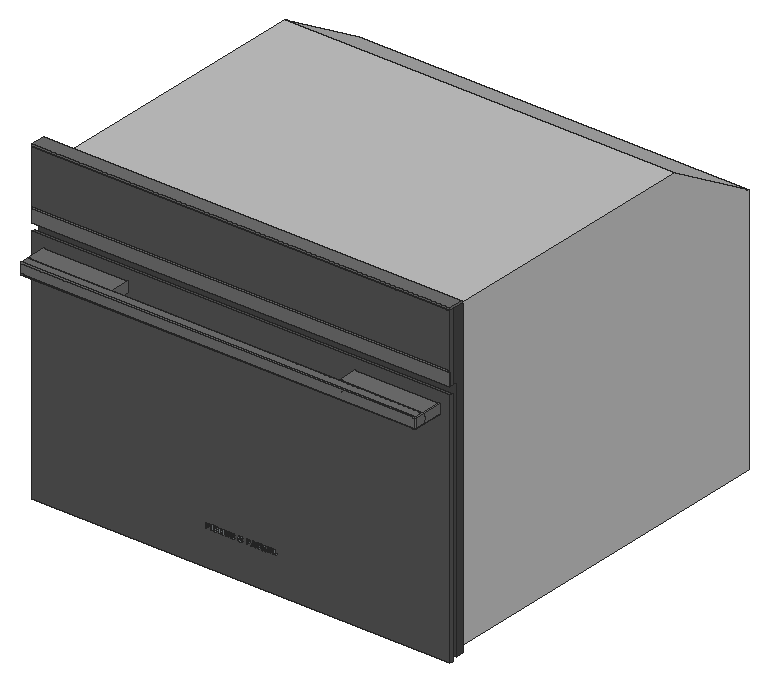
Revit family "FP_Revit_18_OS24NDBB1_Steam_Oven_90000816A", category Specialty Equipment, Revit 2018
Family settings
  Round Connector Dimension = Use Diameter
  Part Type = Normal
  OmniClass Number = 23.40.40.14.17.31
  OmniClass Title = Small Specialized Cooking Equipment
  Work Plane-Based = No
  Always vertical = Yes
  Cut with Voids When Loaded = Yes
  Shared = No
  Room Calculation Point = No
Parameters (values of type "OS24NDBB1")
  Visibility - Clearance Required = yes
  URL = "www.fisherpaykel.com"
  Product - Width = 596 mm  # constant formula
  Product - Height = 458 mm  # constant formula
  Product - Depth = 562 mm  # constant formula
  Model = "OS24NDBB1"
  Material - Trim = Fisher & Paykel - Aluminium, Dark
  Material - Structure = Fisher & Paykel - Black
  Material - Handle = Fisher & Paykel - Aluminium, Dark
  Material - Glass = Fisher & Paykel - Glass, Black
  Material - Body = Fisher & Paykel - Grey
  Manufacturer = "Fisher & Paykel Appliances"
  FFL Offset [instance] = 860 mm
  Description = "24\" Steam Oven"
  Connector Description - Electrical = "208 V or 240 V, 60 Hz, 10.8 or 12.5 A"
  Chassis - Width = 556 mm  # constant formula
  Chassis - Height = 446 mm  # constant formula
  Chassis - Depth = 540 mm  # constant formula
  Cavity - Width = 560 mm  # constant formula
  Cavity - Height = 460 mm  # constant formula
  Cavity - Depth = 560 mm  # constant formula
Reference planes
  plane 1 "Center (Front/Back)": y = 0
  plane 2: z = 0
  plane 3 "Center (Left/Right)": x = 0
  plane 4: z = 1320
  plane 5: z = 1318
  plane 6 "Product LHS": x = -298
  plane 7 "Product RHS": x = 298
  plane 8 "Product - Depth": y = 0
  plane 9 "Cavity LHS": x = -300
  plane 10 "Cavity RHS": x = 300
  plane 11 "Cavity - Depth": y = 560
  plane 12 "Front Face": y = -22
  plane 13 "Chassis - Height": z = 0
  plane 14 "Product Depth": y = 540
  plane 15 "FFL Offset": z = 860
Forms (mm)
  Extrusion 1, solid, material "Fisher & Paykel - Grey" <- "Material - Body"
    sketch origin (0, 0, 0) x (0, 1, 0) y (0, 0, 1)
      loop
        line (0, 1306) -> (0, 867.28) -> (5.16, 867.28) -> (5.16, 860) -> (534.187, 860) -> (534.187, 1217.991) -> (403.295, 1296.64) -> (24.316, 1296.64) -> (8.71, 1306) -> (0, 1306)
    from -278 to 278
  Extrusion 2, solid, material "Fisher & Paykel - Black" <- "Material - Structure", detail levels fine
    sketch origin (0, 0, 0) x (0, 1, 0) y (0, 0, 1)
      loop
        line (0, 1313.9) -> (-2, 1313.9) -> (-2, 1315) -> (-18, 1315) -> (-18, 1218) -> (-9.89, 1218) -> (-9.89, 867.28) -> (0, 867.28) -> (0, 1313.9)
    from -298 to 298
  Extrusion 3, solid, material "Fisher & Paykel - Aluminium, Dark" <- "Material - Trim", detail levels fine
    sketch origin (0, 0, 0) x (0, 1, 0) y (0, 0, 1)
      loop
        line (-22, 1318) -> (-22, 1315) -> (-2, 1315) -> (-2, 1318) -> (-22, 1318)
    from -298 to 298
  Extrusion 4, solid, material "Fisher & Paykel - Glass, Black" <- "Material - Glass", detail levels fine
    sketch origin (0, 0, 0) x (0, 1, 0) y (0, 0, 1)
      loop
        line (-18, 1315) -> (-20.262, 1315)
        arc (-20.262, 1315) -> (-21.236, 1314.682) -> (-22, 1314) r 2.5
        line (-22, 1314) -> (-22, 1218) -> (-18, 1218) -> (-18, 1315)
    from -298 to 298
  Extrusion 5, solid, material "Fisher & Paykel - Glass, Black" <- "Material - Glass", detail levels fine
    sketch origin (0, 0, 0) x (0, 1, 0) y (0, 0, 1)
      loop
        line (-22, 1206.53) -> (-22, 864.53) -> (-18, 864.53) -> (-18, 1206.53) -> (-22, 1206.53)
    from -298 to 298
  Extrusion 6, solid, material "Fisher & Paykel - Black" <- "Material - Structure", detail levels fine
    sketch origin (0, 0, 0) x (0, 1, 0) y (0, 0, 1)
      loop
        line (-18, 1189.33) -> (-18, 867.28) -> (-9.89, 867.28) -> (-9.89, 1189.33) -> (-18, 1189.33)
    from -278 to 278
  Extrusion 7, void
    sketch origin (0, 0, 0) x (1, 0, 0) y (0, 0, 1)
      loop
        line (-158.462, 1012.91) -> (-229.24, 1012.91)
        arc (-229.24, 1012.91) -> (-232.776, 1011.446) -> (-234.24, 1007.91) r 5
        line (-234.24, 1007.91) -> (-234.24, 915.13)
        arc (-234.24, 915.13) -> (-232.776, 911.594) -> (-229.24, 910.13) r 5
        line (-229.24, 910.13) -> (-158.462, 910.13)
        arc (-158.462, 910.13) -> (-154.926, 911.594) -> (-153.462, 915.13) r 5
        line (-153.462, 915.13) -> (-153.462, 1007.91)
        arc (-153.462, 1007.91) -> (-154.926, 1011.446) -> (-158.462, 1012.91) r 5
    from -539.6 to -521.6
  Sweep 8, void
    path in 3D
      loop
        arc (-153.462, 521.6, 915.13) -> (-154.926, 521.6, 911.594) -> (-158.462, 521.6, 910.13) r 5
        line (-158.462, 521.6, 910.13) -> (-229.24, 521.6, 910.13)
        arc (-229.24, 521.6, 910.13) -> (-232.776, 521.6, 911.594) -> (-234.24, 521.6, 915.13) r 5
        line (-234.24, 521.6, 915.13) -> (-234.24, 521.6, 1007.91)
        arc (-234.24, 521.6, 1007.91) -> (-232.776, 521.6, 1011.446) -> (-229.24, 521.6, 1012.91) r 5
        line (-229.24, 521.6, 1012.91) -> (-158.462, 521.6, 1012.91)
        arc (-158.462, 521.6, 1012.91) -> (-154.926, 521.6, 1011.446) -> (-153.462, 521.6, 1007.91) r 5
        line (-153.462, 521.6, 1007.91) -> (-153.462, 521.6, 915.13)
    profile origin (-153.462, 521.6, 961.52) x (-1, 0, 0) y (0, -1, 0)
      loop
        line (0, 0) -> (-21.3, -12.587) -> (0, -12.587) -> (0, 0)
  Extrusion 9, solid, material "Fisher & Paykel - Grey" <- "Material - Body", detail levels medium+fine
    sketch origin (0, 0, -140) x (1, 0, 0) y (0, 0, 1)
      loop
        line (-175.354, 1115.273) -> (-212.354, 1115.273) -> (-212.354, 1057.273) -> (-175.354, 1057.273) -> (-175.354, 1115.273)
    from -540 to -521.6
  Extrusion 10, solid, material "Fisher & Paykel - Aluminium, Dark" <- "Material - Trim", detail levels fine
    sketch origin (0, 0, 0) x (0, 1, 0) y (0, 0, 1)
      loop
        line (-22, 1218) -> (-22, 1237.8) -> (-22.8, 1237.8) -> (-23.7, 1235.5) -> (-23.7, 1218) -> (-22, 1218)
    from -298 to 298
  Extrusion 11, solid, material "Fisher & Paykel - Clearance Required", visible <- "Visibility - Clearance Required", detail levels coarse
    sketch origin (0, 0, 0) x (1, 0, 0) y (0, 1, 0)
      loop
        line (-280, 0) -> (280, 0) -> (280, 548.619) -> (-280, 548.619) -> (-280, 0)
    from 860 to 1320
  Extrusion 12, solid, material "Fisher & Paykel - Clearance Required", visible <- "Visibility - Clearance Required", detail levels coarse
    sketch origin (0, 0, 0) x (0, 1, 0) y (0, 0, 1)
      loop
        arc (-22, 1206.53) -> (-241.159, 1121.206) -> (-341.563, 908.532) r 317.644
        line (-341.563, 908.532) -> (-326.406, 906.445) -> (-332.106, 865.048) -> (-316.871, 862.951) -> (-311.171, 904.347) -> (-22, 864.53) -> (-22, 860) -> (0, 860) -> (0, 1320) -> (-22, 1320) -> (-22, 1206.53)
    from -300 to 300
  Sweep 13, solid, material "Fisher & Paykel - Grey" <- "Material - Body", detail levels fine
    path origin (0, 0, -140) x (0, 1, 0) y (0, 0, 1)
      loop
        arc (530.8, 1057.273) -> (536.019, 1044.673) -> (548.619, 1039.454) r 17.819
    profile origin (0, 536.019, 904.673) x (0, 0.707107, 0.707107) y (1, 0, 0)
      loop
        circle (0, -193.854) r 5
  Extrusion 14, solid, material "Fisher & Paykel - Glass, Black" <- "Material - Glass", detail levels coarse+medium
    sketch origin (0, 0, 0) x (0, 1, 0) y (0, 0, 1)
      loop
        line (-22, 1318) -> (-22, 1218) -> (-9.89, 1218) -> (-9.89, 1189.33) -> (-18, 1189.33) -> (-18, 1206.53) -> (-22, 1206.53) -> (-22, 864.53) -> (-18, 864.53) -> (-18, 867.28) -> (0, 867.28) -> (0, 1313.9) -> (-2, 1313.9) -> (-2, 1318) -> (-22, 1318)
    from -298 to 298
  Extrusion 15, solid, material "Fisher & Paykel - Grey" <- "Material - Body", not visible, detail levels medium+fine
    sketch origin (0, 0, 0) x (1, 0, 0) y (0, 0, 1)
      loop
        line (-175.354, 1115.273) -> (-212.354, 1115.273) -> (-212.354, 1057.273) -> (-175.354, 1057.273) -> (-175.354, 1115.273)
    from -540 to -521.6
  Sweep 16, solid, material "Fisher & Paykel - Grey" <- "Material - Body", not visible, detail levels fine
    path origin (0, 0, 0) x (0, 1, 0) y (0, 0, 1)
      loop
        arc (530.8, 1057.273) -> (536.019, 1044.673) -> (548.619, 1039.454) r 17.819
    profile origin (0, 536.019, 1044.673) x (0, 0.707107, 0.707107) y (1, 0, 0)
      loop
        circle (0, -193.854) r 5
  Extrusion 17, void
    sketch origin (0, 0, 0) x (1, 0, 0) y (0, 1, 0)
      loop
        line (-280, 0) -> (280, 0) -> (280, 548.619) -> (-280, 548.619) -> (-280, 0)
    from 860 to 1320
  Extrusion 18, solid, material "Fisher & Paykel - Clearance Required", visible <- "Visibility - Clearance Required", detail levels coarse
    sketch origin (0, 0, 0) x (0, 1, 0) y (0, 0, 1)
      loop
        arc (-22, 1206.53) -> (-241.159, 1121.206) -> (-341.563, 908.532) r 317.644
        line (-341.563, 908.532) -> (-326.406, 906.445) -> (-332.106, 865.048) -> (-316.871, 862.951) -> (-311.171, 904.347) -> (-22, 864.53) -> (-22, 860) -> (0, 860) -> (0, 1320) -> (-22, 1320) -> (-22, 1206.53)
    from -300 to 300
  Extrusion 19, void
    sketch origin (0, 0, 0) x (0, 1, 0) y (0, 0, 1)
      loop
        line (-22, 1320) -> (-22, 860) -> (0, 860) -> (0, 1320) -> (-22, 1320)
    from -300 to 300
Cuts and joins
  Extrusion 7, Sweep 8 cuts Extrusion 1
  Extrusion 7 cuts Extrusion 2
  Extrusion 7 cuts Extrusion 5
  Extrusion 7 cuts Extrusion 6
Lines and regions (mm)
  sketch lines
    curve 1: line (-153.462, 521.6, 1007.91) -> (-153.462, 521.6, 915.13)
    curve 2: arc (-153.462, 521.6, 1007.91) -> (-154.926, 521.6, 1011.446) -> (-158.462, 521.6, 1012.91) r 5
    curve 3: line (-229.24, 521.6, 1012.91) -> (-158.462, 521.6, 1012.91)
    curve 4: arc (-229.24, 521.6, 1012.91) -> (-232.776, 521.6, 1011.446) -> (-234.24, 521.6, 1007.91) r 5
    curve 5: line (-234.24, 521.6, 915.13) -> (-234.24, 521.6, 1007.91)
    curve 6: arc (-234.24, 521.6, 915.13) -> (-232.776, 521.6, 911.594) -> (-229.24, 521.6, 910.13) r 5
    curve 7: arc (-158.462, 521.6, 910.13) -> (-154.926, 521.6, 911.594) -> (-153.462, 521.6, 915.13) r 5
    curve 8: line (-158.462, 521.6, 910.13) -> (-229.24, 521.6, 910.13)
Text (mm)
  text "Due to ongoing product development, product details are subject to change without notice. \nPlease always refer to www.fisherpaykel.com for the most current product information. \n© Fisher & Paykel 2020" at (41.04, -413.295, 0), in view "Ref. Level (Plan)"
Dimensions and locks
  equal spacing: plane 6 "Product LHS", plane 3 "Center (Left/Right)", plane 7 "Product RHS"
  "Product - Width": plane 6 "Product LHS" to plane 7 "Product RHS"
  equal spacing: plane 9 "Cavity LHS", plane 3 "Center (Left/Right)", plane 10 "Cavity RHS"
  locked: plane 9 "Cavity LHS" to plane 10 "Cavity RHS" at 600
  "Cavity - Depth": plane 11 "Cavity - Depth" to plane 1 "Center (Front/Back)"
  locked: plane 12 "Front Face" to plane 1 "Center (Front/Back)" at 22
  "Chassis - Depth": plane 1 "Center (Front/Back)" to plane 14 "Product Depth"
  Extrusion 1 sketch curve to plane 14 "Product Depth" = 5.813 mm
  equal spacing: cut or joined group of Extrusion 1, Extrusion 7, Sweep 8, plane 3 "Center (Left/Right)", cut or joined group of Extrusion 1, Extrusion 7, Sweep 8
  "Chassis - Width": cut or joined group of Extrusion 1, Extrusion 7, Sweep 8 to cut or joined group of Extrusion 1, Extrusion 7, Sweep 8
  "FFL Offset": plane 15 "FFL Offset" to level
  locked: nested 2 to plane 15 "FFL Offset" at 61.04
  locked: cut or joined group of Extrusion 1, Extrusion 7, Sweep 8 to plane 15 "FFL Offset" at 7.28
  locked: Extrusion 14 to plane 15 "FFL Offset" at 4.53
  locked: cut or joined group of Extrusion 1, Extrusion 7, Sweep 8 to plane 15 "FFL Offset" at 436.64
  "Chassis - Height": cut or joined group of Extrusion 1, Extrusion 7, Sweep 8 to plane 15 "FFL Offset"
  Extrusion 11 to plane 15 "FFL Offset" = 460 mm
  locked: plane 15 "FFL Offset" to Extrusion 9 at 57.273
  locked: plane 15 "FFL Offset" to cut or joined group of Extrusion 1, Extrusion 7, Sweep 8 at 50.13
  "Product - Height": plane 5 to plane 15 "FFL Offset"
  "Cavity - Height": plane 4 to plane 15 "FFL Offset"
  locked: plane 5 to Extrusion 14 at 100
  locked: plane 5 to Extrusion 14 at 111.47
  locked: Extrusion 12 sketch curve to plane 15 "FFL Offset" at 4.53
  locked: plane 15 "FFL Offset" to Extrusion 7 sketch curve at 152.91
  locked: plane 15 "FFL Offset" to Extrusion 7 sketch curve at 50.13
  locked: nested 1 to plane 15 "FFL Offset" at 330.978
  "Cavity - Width": Extrusion 17 to Extrusion 17
  aligned and locked: level to plane 2
  aligned and locked: Extrusion 3 sketch curve to plane 5
  aligned and locked: plane 6 "Product LHS" to Extrusion 5
  aligned and locked: Extrusion 5 to plane 7 "Product RHS"
  aligned and locked: Extrusion 4 to plane 7 "Product RHS"
  aligned and locked: plane 6 "Product LHS" to Extrusion 4
  aligned and locked: plane 6 "Product LHS" to Extrusion 3
  aligned and locked: Extrusion 3 to plane 7 "Product RHS"
  aligned and locked: plane 6 "Product LHS" to Extrusion 2
  aligned and locked: Extrusion 2 to plane 7 "Product RHS"
  aligned and locked: plane 14 "Product Depth" to Extrusion 9
  aligned and locked: cut or joined group of Extrusion 1, Extrusion 7, Sweep 8 to Extrusion 9
  aligned and locked: Extrusion 10 to plane 7 "Product RHS"
  aligned and locked: plane 6 "Product LHS" to Extrusion 10
  aligned and locked: Extrusion 14 to plane 7 "Product RHS"
  aligned and locked: plane 6 "Product LHS" to Extrusion 14
  aligned and locked: Extrusion 1 to plane 15 "FFL Offset"
  aligned and locked: Extrusion 11 to cut or joined group of Extrusion 1, Extrusion 7, Sweep 8
  aligned and locked: Extrusion 14 to cut or joined group of Extrusion 1, Extrusion 7, Sweep 8
  aligned and locked: Extrusion 2 to cut or joined group of Extrusion 1, Extrusion 7, Sweep 8
  aligned and locked: Extrusion 6 to cut or joined group of Extrusion 1, Extrusion 7, Sweep 8
  aligned and locked: plane 5 to Extrusion 3
  aligned and locked: plane 5 to Extrusion 14
  aligned and locked: Extrusion 10 to Extrusion 4
  aligned and locked: Extrusion 14 to Extrusion 4
  aligned and locked: Extrusion 4 to cut or joined group of Extrusion 2, Extrusion 7
  aligned and locked: Extrusion 5 to Extrusion 14  (x2)
  aligned and locked: plane 4 to Extrusion 11
  aligned and locked: Extrusion 11 to Sweep 13
  aligned and locked: Extrusion 12 sketch curve to plane 15 "FFL Offset"
  aligned and locked: Extrusion 12 sketch curve to plane 4
  aligned and locked: plane 4 to Extrusion 17
  aligned and locked: Extrusion 17 to cut or joined group of Extrusion 1, Extrusion 7, Sweep 8
  aligned and locked: plane 15 "FFL Offset" to Extrusion 19 sketch curve
  aligned and locked: Extrusion 19 sketch curve to plane 4
Automatic sketch dimensions
  Extrusion 9 sketch curve to Extrusion 9 sketch curve = 37 mm
  Extrusion 9 sketch curve to Extrusion 9 sketch curve = 58 mm
  Sweep 13 sketch curve to profile plane = 0 mm
  Sweep 13 sketch curve to Sweep 13 sketch curve = 17.819 mm
  Sweep 13 sketch curve to profile plane = 193.854 mm
  Extrusion 15 sketch curve to Extrusion 15 sketch curve = 37 mm
  Extrusion 15 sketch curve to Extrusion 15 sketch curve = 58 mm
  Sweep 16 sketch curve to profile plane = 0 mm
  Sweep 16 sketch curve to Sweep 16 sketch curve = 17.819 mm
  Sweep 16 sketch curve to profile plane = 193.854 mm
  Extrusion 1 sketch curve to plane 1 "Center (Front/Back)" = 0 mm
  Extrusion 1 sketch curve to plane 15 "FFL Offset" = 0 mm
  Extrusion 1 sketch curve to plane 1 "Center (Front/Back)" = 5.16 mm
  Extrusion 1 sketch curve to Extrusion 1 sketch curve = 8.71 mm
  Extrusion 1 sketch curve to Extrusion 1 sketch curve = 15.606 mm
  Extrusion 1 sketch curve to plane 5 = 21.36 mm
  Extrusion 1 sketch curve to plane 14 "Product Depth" = 136.705 mm
  Extrusion 1 sketch curve to Extrusion 1 sketch curve = 7.28 mm
  Extrusion 1 sketch curve to plane 5 = 100.009 mm
  Extrusion 1 sketch curve to plane 5 = 12 mm
  Extrusion 2 sketch curve to plane 1 "Center (Front/Back)" = 0 mm
  plane 1 "Center (Front/Back)" to Extrusion 2 sketch curve = 2 mm
  plane 1 "Center (Front/Back)" to Extrusion 2 sketch curve = 9.89 mm
  plane 12 "Front Face" to Extrusion 2 sketch curve = 4 mm
  plane 15 "FFL Offset" to Extrusion 2 sketch curve = 7.28 mm
  Extrusion 2 sketch curve to plane 5 = 100 mm
  Extrusion 2 sketch curve to plane 5 = 4.1 mm
  Extrusion 2 sketch curve to Extrusion 2 sketch curve = 1.1 mm
  Extrusion 3 sketch curve to plane 12 "Front Face" = 0 mm
  plane 1 "Center (Front/Back)" to Extrusion 3 sketch curve = 2 mm
  Extrusion 3 sketch curve to plane 5 = 3 mm
  Extrusion 4 sketch curve to plane 12 "Front Face" = 0 mm
  plane 12 "Front Face" to Extrusion 4 sketch curve = 1.738 mm
  plane 12 "Front Face" to Extrusion 4 sketch curve = 2.011 mm
  plane 12 "Front Face" to Extrusion 4 sketch curve = 4 mm
  Extrusion 4 sketch curve to plane 5 = 100 mm
  Extrusion 4 sketch curve to plane 5 = 5.485 mm
  Extrusion 4 sketch curve to Extrusion 4 sketch curve = 1.485 mm
  Extrusion 5 sketch curve to plane 12 "Front Face" = 0 mm
  plane 12 "Front Face" to Extrusion 5 sketch curve = 4 mm
  plane 15 "FFL Offset" to Extrusion 5 sketch curve = 4.53 mm
  Extrusion 5 sketch curve to plane 5 = 111.47 mm
  plane 12 "Front Face" to Extrusion 6 sketch curve = 4 mm
  Extrusion 6 sketch curve to Extrusion 6 sketch curve = 8.11 mm
  plane 15 "FFL Offset" to Extrusion 6 sketch curve = 7.28 mm
  Extrusion 6 sketch curve to plane 5 = 128.67 mm
  Extrusion 7 sketch curve to plane 6 "Product LHS" = 63.76 mm
  Extrusion 7 sketch curve to Extrusion 7 sketch curve = 5 mm  (x3)
  Extrusion 7 sketch curve to Extrusion 7 sketch curve = 70.778 mm  (x2)
  Sweep 8 sketch curve to profile plane = 0 mm  (x2)
  Sweep 8 sketch curve to profile plane = 21.3 mm
  profile plane to Sweep 8 sketch curve = 12.587 mm
  Extrusion 10 sketch curve to plane 12 "Front Face" = 0 mm
  Extrusion 10 sketch curve to Extrusion 10 sketch curve = 0.8 mm
  Extrusion 10 sketch curve to plane 12 "Front Face" = 1.7 mm
  Extrusion 10 sketch curve to plane 5 = 100 mm
  Extrusion 10 sketch curve to Extrusion 10 sketch curve = 17.5 mm
  Extrusion 10 sketch curve to Extrusion 10 sketch curve = 2.3 mm
  plane 1 "Center (Front/Back)" to Extrusion 11 sketch curve = 0 mm
  plane 14 "Product Depth" to Extrusion 11 sketch curve = 8.619 mm
  Extrusion 11 sketch curve to plane 6 "Product LHS" = 18 mm
  plane 7 "Product RHS" to Extrusion 11 sketch curve = 18 mm
  Extrusion 12 sketch curve to plane 12 "Front Face" = 0 mm  (x2)
  Extrusion 12 sketch curve to plane 1 "Center (Front/Back)" = 0 mm
  Extrusion 12 sketch curve to plane 12 "Front Face" = 2.526 mm
  plane 15 "FFL Offset" to Extrusion 12 sketch curve = 44.347 mm
  Extrusion 12 sketch curve to Extrusion 12 sketch curve = 286.644 mm
  plane 15 "FFL Offset" to Extrusion 12 sketch curve = 2.951 mm
  plane 15 "FFL Offset" to Extrusion 12 sketch curve = 46.445 mm
  Extrusion 12 sketch curve to Extrusion 12 sketch curve = 15.235 mm
  plane 15 "FFL Offset" to Extrusion 12 sketch curve = 48.532 mm
  Extrusion 12 sketch curve to Extrusion 12 sketch curve = 24.366 mm
  Extrusion 14 sketch curve to plane 5 = 0 mm
  Extrusion 14 sketch curve to plane 12 "Front Face" = 0 mm  (x2)
  Extrusion 14 sketch curve to plane 1 "Center (Front/Back)" = 0 mm
  plane 12 "Front Face" to Extrusion 14 sketch curve = 4 mm  (x2)
  plane 1 "Center (Front/Back)" to Extrusion 14 sketch curve = 9.89 mm
  plane 1 "Center (Front/Back)" to Extrusion 14 sketch curve = 2 mm
  Extrusion 14 sketch curve to plane 5 = 4.1 mm
  Extrusion 14 sketch curve to Extrusion 14 sketch curve = 95.9 mm
  Extrusion 14 sketch curve to Extrusion 14 sketch curve = 11.47 mm
  Extrusion 14 sketch curve to Extrusion 14 sketch curve = 17.2 mm
  plane 15 "FFL Offset" to Extrusion 14 sketch curve = 7.28 mm
  Extrusion 14 sketch curve to Extrusion 14 sketch curve = 2.75 mm
  plane 1 "Center (Front/Back)" to Extrusion 17 sketch curve = 0 mm
  plane 14 "Product Depth" to Extrusion 17 sketch curve = 8.619 mm
  Extrusion 17 sketch curve to plane 6 "Product LHS" = 18 mm
  plane 7 "Product RHS" to Extrusion 17 sketch curve = 18 mm
  Extrusion 18 sketch curve to plane 12 "Front Face" = 0 mm  (x2)
  Extrusion 18 sketch curve to plane 1 "Center (Front/Back)" = 0 mm
  Extrusion 18 sketch curve to plane 15 "FFL Offset" = 0 mm
  Extrusion 18 sketch curve to plane 4 = 0 mm
  Extrusion 18 sketch curve to plane 12 "Front Face" = 2.526 mm
  plane 15 "FFL Offset" to Extrusion 18 sketch curve = 44.347 mm
  Extrusion 18 sketch curve to Extrusion 18 sketch curve = 286.644 mm
  plane 15 "FFL Offset" to Extrusion 18 sketch curve = 2.951 mm
  Extrusion 18 sketch curve to Extrusion 18 sketch curve = 5.7 mm
  plane 15 "FFL Offset" to Extrusion 18 sketch curve = 46.445 mm
  Extrusion 18 sketch curve to Extrusion 18 sketch curve = 15.235 mm
  plane 15 "FFL Offset" to Extrusion 18 sketch curve = 48.532 mm
  Extrusion 18 sketch curve to Extrusion 18 sketch curve = 24.366 mm
  Extrusion 19 sketch curve to plane 12 "Front Face" = 0 mm
  Extrusion 19 sketch curve to plane 1 "Center (Front/Back)" = 0 mm
  radius of Sweep 13 sketch curve = 5 mm
  radius of Sweep 16 sketch curve = 5 mm
Nested families
  nested 1: "F&P Handle Contemporary Square OB60-24" at (0, -22, 1183), type "Aluminium Dark"
  nested 2: "F&P Logo 100mm" at (0, -22, 915), type "F&P Logo 100mm"
Connectors
  electrical at (-193.854, 548.619, 899.454), driven by "Connector Description - Electrical"
    settings: on Sweep 13, index 1, voltage 120 V, apparent load 0 VA, apparent load phase1 0 VA, apparent load phase2 0 VA, apparent load phase3 0 VA, power factor 1, load classification "Other", number of poles 1, system type 30, power factor state 1, is connector primary yes, connector utility no, sub classification motor no, connector description "208 V or 240 V, 60 Hz, 10.8 or 12.5 A"
Definition of nested family "F&P Handle Contemporary Square OB60-24"
  Parameters (values of type "Aluminium Dark")
    URL = "www.fisherpaykel.com"
    Material - Handle = none
    Manufacturer = "Fisher & Paykel Appliances"
    Handle - Length = 565 mm
  Types (2): name
    Aluminium
    Aluminium Dark
  Reference planes
    plane 1 "Center (Front/Back)": y = 0
    plane 2: z = 0
    plane 3 "Center (Left/Right)": x = 0
    plane 4 "Product LHS": x = -282.5
    plane 5 "Product RHS": x = 282.5
    plane 6 "LHS Standoff": x = -162.495
    plane 7 "RHS Standoff": x = 162.505
  Forms (mm)
    Extrusion 1, solid, material <- "Material - Handle", detail levels fine
      sketch origin (0, 0, 0) x (0, 1, 0) y (0, 0, 1)
        loop
          arc (-28.701, 7.561) -> (-29.057, 7.868) -> (-29.514, 7.978) r 1
          line (-29.514, 7.978) -> (-40.5, 7.978)
          arc (-40.5, 7.978) -> (-41.561, 7.539) -> (-42, 6.478) r 1.5
          line (-42, 6.478) -> (-42, -6.522)
          arc (-42, -6.522) -> (-41.561, -7.583) -> (-40.5, -8.022) r 1.5
          line (-40.5, -8.022) -> (-29.487, -8.022)
          arc (-29.487, -8.022) -> (-29.029, -7.911) -> (-28.673, -7.602) r 1
          arc (-28.673, -7.602) -> (-26.256, -0.016) -> (-28.701, 7.561) r 13.038
      from -282.5 to 282.5
    Extrusion 2, solid, material <- "Material - Handle", detail levels fine
      sketch origin (0, 0, 0) x (0, 1, 0) y (0, 0, 1)
        loop
          arc (-28.23, 7.062) -> (-26.156, 0.008) -> (-28.198, -7.056) r 13.136
          arc (-28.198, -7.056) -> (-28.21, -7.463) -> (-27.86, -7.67) r 0.4
          line (-27.86, -7.67) -> (0, -7.67) -> (0, 7.678) -> (-27.893, 7.678)
          arc (-27.893, 7.678) -> (-28.244, 7.47) -> (-28.23, 7.062) r 0.4
      from 162.505 to 282.5
    Extrusion 3, solid, material <- "Material - Handle", detail levels fine
      sketch origin (0, 0, 0) x (0, 1, 0) y (0, 0, -1)
        loop
          arc (-28.23, -7.062) -> (-28.244, -7.47) -> (-27.893, -7.678) r 0.4
          line (-27.893, -7.678) -> (0, -7.678) -> (0, 7.67) -> (-27.86, 7.67)
          arc (-27.86, 7.67) -> (-28.21, 7.463) -> (-28.198, 7.056) r 0.4
          arc (-28.198, 7.056) -> (-26.156, -0.008) -> (-28.23, -7.062) r 13.136
      from 162.495 to 282.5
    Sweep 4, void
      path in 3D
        loop
          line (282.5, -29.514, 7.978) -> (282.5, -40.5, 7.978)
          arc (282.5, -40.5, 7.978) -> (282.5, -41.561, 7.539) -> (282.5, -42, 6.478) r 1.5
          line (282.5, -42, 6.478) -> (282.5, -42, -6.522)
          arc (282.5, -42, -6.522) -> (282.5, -41.561, -7.583) -> (282.5, -40.5, -8.022) r 1.5
          line (282.5, -40.5, -8.022) -> (282.5, -29.487, -8.022)
      profile origin (282.5, -35.007, 7.978) x (1, 0, 0) y (0, 0, 1)
        loop
          line (0, 0) -> (-1.3, 0) -> (0, -1.3) -> (0, 0)
    Sweep 5, void
      path in 3D
        loop
          line (-282.5, -29.487, -8.022) -> (-282.5, -40.5, -8.022)
          arc (-282.5, -40.5, -8.022) -> (-282.5, -41.561, -7.583) -> (-282.5, -42, -6.522) r 1.5
          line (-282.5, -42, -6.522) -> (-282.5, -42, 6.478)
          arc (-282.5, -42, 6.478) -> (-282.5, -41.561, 7.539) -> (-282.5, -40.5, 7.978) r 1.5
          line (-282.5, -40.5, 7.978) -> (-282.5, -29.514, 7.978)
      profile origin (-282.5, -35.007, 7.978) x (-1, 0, 0) y (0, 0, 1)
        loop
          line (0, 0) -> (-1.3, 0) -> (0, -1.3) -> (0, 0)
    Extrusion 6, void
      sketch origin (0, 0, 0) x (1, 0, 0) y (0, 0, 1)
        loop
          line (282.5, 7.978) -> (281.2, 7.978) -> (282.5, 6.678) -> (282.5, 7.978)
        loop
          line (282.5, -8.022) -> (282.5, -6.722) -> (281.2, -8.022) -> (282.5, -8.022)
      from 0 to 40
    Extrusion 7, void
      sketch origin (0, 0, 0) x (1, 0, 0) y (0, 0, 1)
        loop
          line (-282.5, 7.978) -> (-282.5, 6.678) -> (-281.2, 7.978) -> (-282.5, 7.978)
        loop
          line (-282.5, -8.022) -> (-281.2, -8.022) -> (-282.5, -6.722) -> (-282.5, -8.022)
      from 0 to 40
    Extrusion 8, solid, material <- "Material - Handle", detail levels coarse+medium
      sketch origin (0, 0, 0) x (1, 0, 0) y (0, 1, 0)
        loop
          line (-282.5, -42) -> (282.5, -42) -> (282.5, 0) -> (162.505, 0) -> (162.505, -26.156) -> (-162.495, -26.156) -> (-162.495, 0) -> (-282.5, 0) -> (-282.5, -42)
      from -8.022 to 7.978
  Cuts and joins
    Sweep 4, Sweep 5, Extrusion 6, Extrusion 7 cuts Extrusion 1
    Extrusion 6 cuts Extrusion 2
    Extrusion 7 cuts Extrusion 3
  Lines and regions (mm)
    sketch lines
      curve 1: line (282.5, -29.514, 7.978) -> (282.5, -40.5, 7.978)
      curve 2: arc (282.5, -42, 6.478) -> (282.5, -41.561, 7.539) -> (282.5, -40.5, 7.978) r 1.5
      curve 3: line (282.5, -42, 6.478) -> (282.5, -42, -6.522)
      curve 4: arc (282.5, -40.5, -8.022) -> (282.5, -41.561, -7.583) -> (282.5, -42, -6.522) r 1.5
      curve 5: line (282.5, -40.5, -8.022) -> (282.5, -29.487, -8.022)
      curve 6: line (-282.5, -40.5, 7.978) -> (-282.5, -29.514, 7.978)
      curve 7: arc (-282.5, -40.5, 7.978) -> (-282.5, -41.561, 7.539) -> (-282.5, -42, 6.478) r 1.5
      curve 8: line (-282.5, -42, -6.522) -> (-282.5, -42, 6.478)
      curve 9: arc (-282.5, -42, -6.522) -> (-282.5, -41.561, -7.583) -> (-282.5, -40.5, -8.022) r 1.5
      curve 10: line (-282.5, -29.487, -8.022) -> (-282.5, -40.5, -8.022)
  Dimensions and locks
    equal spacing: plane 4 "Product LHS", plane 3 "Center (Left/Right)", plane 5 "Product RHS"
    "Handle - Length": plane 4 "Product LHS" to plane 5 "Product RHS"
    locked: plane 4 "Product LHS" to plane 6 "LHS Standoff" at 120.005
    locked: plane 7 "RHS Standoff" to plane 5 "Product RHS" at 119.995
    aligned and locked: level to plane 2
    aligned and locked: Extrusion 1 to plane 5 "Product RHS"
    aligned and locked: plane 4 "Product LHS" to Extrusion 1
    aligned and locked: Extrusion 2 to plane 5 "Product RHS"
    aligned and locked: plane 4 "Product LHS" to Extrusion 3
    aligned and locked: plane 4 "Product LHS" to Extrusion 8 sketch curve
    aligned and locked: Extrusion 8 sketch curve to plane 5 "Product RHS"
    aligned and locked: Extrusion 8 sketch curve to plane 7 "RHS Standoff"
    aligned and locked: plane 6 "LHS Standoff" to Extrusion 8 sketch curve
    aligned and locked: Extrusion 2 to plane 7 "RHS Standoff"
    aligned and locked: plane 6 "LHS Standoff" to Extrusion 3
  Automatic sketch dimensions
    Extrusion 1 sketch curve to level = 6.522 mm
    plane 1 "Center (Front/Back)" to Extrusion 1 sketch curve = 42 mm
    Extrusion 1 sketch curve to Extrusion 1 sketch curve = 1.5 mm  (x2)
    Extrusion 1 sketch curve to level = 0.04 mm
    Extrusion 1 sketch curve to Extrusion 1 sketch curve = 1.206 mm
    level to Extrusion 1 sketch curve = 6.978 mm
    Extrusion 1 sketch curve to Extrusion 1 sketch curve = 10.986 mm
    Extrusion 1 sketch curve to Extrusion 1 sketch curve = 11.013 mm
    Extrusion 1 sketch curve to Extrusion 1 sketch curve = 1 mm
    level to Extrusion 1 sketch curve = 6.478 mm
    Extrusion 1 sketch curve to Extrusion 1 sketch curve = 0 mm
    Extrusion 2 sketch curve to plane 1 "Center (Front/Back)" = 0 mm
    Extrusion 2 sketch curve to level = 7.67 mm
    Extrusion 2 sketch curve to Extrusion 2 sketch curve = 27.86 mm
    level to Extrusion 2 sketch curve = 7.678 mm
    Extrusion 2 sketch curve to Extrusion 2 sketch curve = 0.033 mm
    Extrusion 2 sketch curve to level = 0.022 mm
    Extrusion 2 sketch curve to Extrusion 2 sketch curve = 11.398 mm
    Extrusion 2 sketch curve to Extrusion 2 sketch curve = 0.4 mm  (x2)
    Extrusion 2 sketch curve to Extrusion 2 sketch curve = 0 mm
    Extrusion 3 sketch curve to plane 1 "Center (Front/Back)" = 0 mm
    Extrusion 3 sketch curve to level = 7.67 mm
    Extrusion 3 sketch curve to Extrusion 3 sketch curve = 27.86 mm
    level to Extrusion 3 sketch curve = 7.678 mm
    Extrusion 3 sketch curve to Extrusion 3 sketch curve = 0.033 mm
    Extrusion 3 sketch curve to level = 0.022 mm
    Extrusion 3 sketch curve to Extrusion 3 sketch curve = 11.398 mm
    Extrusion 3 sketch curve to Extrusion 3 sketch curve = 0.4 mm  (x2)
    Extrusion 3 sketch curve to Extrusion 3 sketch curve = 0 mm
    profile plane to Sweep 4 sketch curve = 0 mm
    Sweep 4 sketch curve to profile plane = 0 mm
    Sweep 4 sketch curve to profile plane = 1.3 mm
    profile plane to Sweep 4 sketch curve = 1.3 mm
    Sweep 5 sketch curve to profile plane = 0 mm  (x2)
    profile plane to Sweep 5 sketch curve = 1.3 mm
    Sweep 5 sketch curve to profile plane = 1.3 mm
    plane 5 "Product RHS" to Extrusion 6 sketch curve = 0 mm  (x2)
    Extrusion 6 sketch curve to Extrusion 6 sketch curve = 1.3 mm  (x4)
    Extrusion 6 sketch curve to level = 6.722 mm
    level to Extrusion 6 sketch curve = 6.678 mm
    plane 4 "Product LHS" to Extrusion 7 sketch curve = 0 mm  (x2)
    Extrusion 7 sketch curve to plane 4 "Product LHS" = 1.3 mm  (x2)
    Extrusion 7 sketch curve to level = 8.022 mm
    level to Extrusion 7 sketch curve = 6.678 mm
    Extrusion 7 sketch curve to Extrusion 7 sketch curve = 1.3 mm  (x2)
    plane 1 "Center (Front/Back)" to Extrusion 8 sketch curve = 0 mm  (x2)
    Extrusion 8 sketch curve to Extrusion 8 sketch curve = 26.156 mm
    Extrusion 8 sketch curve to Extrusion 8 sketch curve = 42 mm
Definition of nested family "F&P Logo 100mm"
  Parameters (values of type "F&P Logo 100mm")
    URL = "www.fisherpaykel.com"
    Material - Logo = none
    Manufacturer = "Fisher & Paykel Appliances"
  Reference planes
    plane 1 "Center (Front/Back)": y = 0
    plane 2: z = 0
    plane 3 "Center (Left/Right)": x = 0
  Forms (mm)
    Extrusion 1, solid, material <- "Material - Logo", detail levels fine
      sketch origin (0, 0, 0) x (1, 0, 0) y (0, 0, 1)
        loop
          line (-50.044, 0) -> (-48.47, 0) -> (-48.47, 2.138) -> (-46.011, 2.138) -> (-46.011, 3.472) -> (-48.47, 3.472) -> (-48.47, 4.712) -> (-45.795, 4.712) -> (-45.795, 6.04) -> (-50.044, 6.04) -> (-50.044, 0)
        loop
          line (-42.804, 6.04) -> (-42.804, 0) -> (-41.23, 0) -> (-41.23, 6.04) -> (-42.804, 6.04)
        loop
          line (-30.724, 6.04) -> (-30.724, 0) -> (-29.151, 0) -> (-29.151, 2.42) -> (-26.839, 2.42) -> (-26.839, 0) -> (-25.265, 0) -> (-25.265, 6.04) -> (-26.839, 6.04) -> (-26.839, 3.748) -> (-29.151, 3.748) -> (-29.151, 6.04) -> (-30.724, 6.04)
        loop
          line (-21.906, 6.04) -> (-21.906, 0) -> (-17.602, 0) -> (-17.602, 1.328) -> (-20.347, 1.328) -> (-20.347, 2.42) -> (-17.838, 2.42) -> (-17.838, 3.748) -> (-20.347, 3.748) -> (-20.347, 4.712) -> (-17.602, 4.712) -> (-17.602, 6.04) -> (-21.906, 6.04)
        loop
          line (45.667, 6.04) -> (45.667, 0) -> (49.956, 0) -> (49.956, 1.328) -> (47.241, 1.328) -> (47.241, 6.04) -> (45.667, 6.04)
        loop
          line (42.431, 6.04) -> (38.112, 6.04) -> (38.112, 0) -> (42.431, 0) -> (42.431, 1.328) -> (39.687, 1.328) -> (39.687, 2.42) -> (42.195, 2.42) -> (42.195, 3.748) -> (39.687, 3.748) -> (39.687, 4.712) -> (42.431, 4.712) -> (42.431, 6.04)
        loop
          line (33.451, 3.148) -> (35.683, 6.04) -> (33.844, 6.04) -> (31.915, 3.542) -> (31.915, 6.04) -> (30.342, 6.04) -> (30.342, 0) -> (31.915, 0) -> (31.915, 2.705) -> (33.903, 0) -> (35.763, 0) -> (33.451, 3.148)
        loop
          line (21.98, 6.04) -> (24.262, 2.42) -> (24.262, 0) -> (25.837, 0) -> (25.837, 2.341) -> (28.119, 6.04) -> (26.446, 6.04) -> (25.099, 3.707) -> (23.753, 6.04) -> (21.98, 6.04)
        loop
          line (18.479, 6.04) -> (16.983, 6.04) -> (14.524, 0) -> (16.069, 0) -> (16.501, 1.112) -> (18.921, 1.112) -> (19.354, 0) -> (20.938, 0) -> (18.479, 6.04)
        loop
          line (18.4, 2.439) -> (17.693, 4.174) -> (17.018, 2.439) -> (18.4, 2.439)
        loop
          line (8.031, 6.04) -> (8.031, 0) -> (9.605, 0) -> (9.605, 1.938) -> (10.599, 1.938)
          arc (10.599, 1.938) -> (12.65, 3.989) -> (10.599, 6.04) r 2.051
          line (10.599, 6.04) -> (8.031, 6.04)
        loop
          line (9.605, 4.712) -> (9.605, 3.197) -> (10.501, 3.197)
          arc (10.501, 3.197) -> (11.259, 3.954) -> (10.501, 4.712) r 0.757
          line (10.501, 4.712) -> (9.605, 4.712)
        loop
          line (-11.783, 6.04) -> (-14.366, 6.04) -> (-14.366, 0) -> (-12.792, 0) -> (-12.792, 1.336) -> (-11.992, 1.336) -> (-10.972, 0) -> (-9.153, 0) -> (-10.694, 1.973)
          arc (-10.694, 1.973) -> (-9.678, 4.424) -> (-11.783, 6.04) r 2.179
        loop
          line (-11.897, 4.712) -> (-12.792, 4.712) -> (-12.792, 3.053) -> (-11.897, 3.053)
          arc (-11.897, 3.053) -> (-11.068, 3.882) -> (-11.897, 4.712) r 0.83
        loop
          line (0.477, 4.712) -> (0.477, 6.153) -> (-3.575, 6.153) -> (-3.575, 4.851) -> (-2.974, 4.112)
          arc (-2.974, 4.112) -> (-3.51, 0.684) -> (-0.045, 0.512) r 2.334
          line (-0.045, 0.512) -> (0.46, -0.109) -> (2.246, -0.109) -> (0.86, 1.594) -> (2.061, 3.324) -> (0.443, 3.324) -> (-0.013, 2.667) -> (-1.677, 4.712) -> (0.477, 4.712)
        loop
          arc (-2.125, 3.068) -> (-2.269, 1.668) -> (-0.868, 1.524) r 0.996
          line (-0.868, 1.524) -> (-2.125, 3.068)
        loop
          line (-35.18, 3.634) -> (-36.516, 3.91)
          arc (-36.516, 3.91) -> (-37.049, 4.443) -> (-36.516, 4.976) r 0.533
          arc (-36.516, 4.976) -> (-35.235, 4.79) -> (-34.059, 4.248) r 4.505
          line (-34.059, 4.248) -> (-34.059, 5.743)
          arc (-34.059, 5.743) -> (-35.549, 6.179) -> (-37.1, 6.109) r 4.726
          arc (-37.1, 6.109) -> (-38.536, 4.335) -> (-37.1, 2.561) r 1.814
          line (-37.1, 2.561) -> (-35.754, 2.282)
          arc (-35.754, 2.282) -> (-35.221, 1.749) -> (-35.754, 1.216) r 0.533
          arc (-35.754, 1.216) -> (-37.035, 1.402) -> (-38.211, 1.945) r 4.505
          line (-38.211, 1.945) -> (-38.211, 0.449)
          arc (-38.211, 0.449) -> (-36.72, 0.013) -> (-35.169, 0.083) r 4.726
          arc (-35.169, 0.083) -> (-33.734, 1.863) -> (-35.18, 3.634) r 1.814
      from 0 to 0.8
  Dimensions and locks
    aligned and locked: level to plane 2
